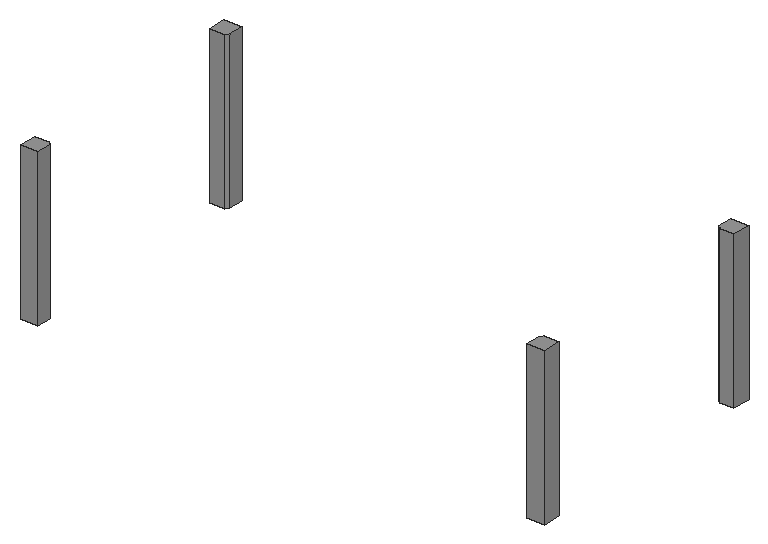
Revit family "Andreu World_Sistema SP_BM7216", category Mobiliario, Revit 2014
Parameters (values of type "BM-7216 H550 Beech")
  URL = "http://www.andreuworld.com/"
  Top Width = 900 mm
  Top Length = 1850 mm
  Referencia = "BM-7216"
  Modelo = "Sistema SP"
  Legs Height = 550 mm
  Legs = Andreu World SP
  Fabricante = "Andreu World"
  Descripción = "Table Legs."
Reference planes
  plane 1 "Centro (Frontal/Posterior)": y = 0
  plane 2: z = 0
  plane 3 "Centro (Izquierda/Derecha)": x = 0
  plane 4: x = -925
  plane 5: y = 450
  plane 6: x = 925
  plane 7: y = -450
  plane 8: z = 550
Forms (mm)
  Extrusion 1, solid, material "Andreu World SP" <- "Legs", detail levels medium+fine
    sketch origin (0, 0, 0) x (1, 0, 0) y (0, 1, 0)
      loop
        line (-925, 450) -> (-925, 388) -> (-873, 388) -> (-863, 398) -> (-863, 450) -> (-925, 450)
    from 0 to 550
  Extrusion 2, solid, material "Andreu World SP" <- "Legs", detail levels medium+fine
    sketch origin (-85, -110, 0) x (-1, 0, 0) y (0, -1, 0)
      loop
        line (-1010, -560) -> (-948, -560) -> (-948, -508) -> (-958, -498) -> (-1010, -498) -> (-1010, -560)
    from 0 to 550
  Extrusion 3, solid, material "Andreu World SP" <- "Legs", detail levels medium+fine
    sketch origin (50, 35, 0) x (1, 0, 0) y (0, 1, 0)
      loop
        line (-975, -485) -> (-913, -485) -> (-913, -433) -> (-923, -423) -> (-975, -423) -> (-975, -485)
    from 0 to 550
  Extrusion 4, solid, material "Andreu World SP" <- "Legs", detail levels medium+fine
    sketch origin (-150, 155, 0) x (-1, 0, 0) y (0, -1, 0)
      loop
        line (-1075, 605) -> (-1075, 543) -> (-1023, 543) -> (-1013, 553) -> (-1013, 605) -> (-1075, 605)
    from 0 to 550
Lines and regions (mm)
  model lines, detail levels coarse+medium
    curve 1: line (-863, 450, 0) -> (-925, 450, 0)
    curve 2: line (-925, 450, 0) -> (-925, 388, 0)
    curve 3: line (-925, 388, 0) -> (-873, 388, 0)
    curve 4: line (-873, 388, 0) -> (-863, 398, 0)
    curve 5: line (-863, 398, 0) -> (-863, 450, 0)
    curve 6: line (-873, -388, 0) -> (-925, -388, 0)
    curve 7: line (-863, -398, 0) -> (-873, -388, 0)
    curve 8: line (-863, -450, 0) -> (-863, -398, 0)
    curve 9: line (-925, -450, 0) -> (-863, -450, 0)
    curve 10: line (-925, -388, 0) -> (-925, -450, 0)
    curve 11: line (925, -450, 0) -> (925, -388, 0)
    curve 12: line (863, -450, 0) -> (925, -450, 0)
    curve 13: line (863, -398, 0) -> (863, -450, 0)
    curve 14: line (873, -388, 0) -> (863, -398, 0)
    curve 15: line (925, -388, 0) -> (873, -388, 0)
    curve 16: line (925, 450, 0) -> (863, 450, 0)
    curve 17: line (925, 388, 0) -> (925, 450, 0)
    curve 18: line (873, 388, 0) -> (925, 388, 0)
    curve 19: line (863, 398, 0) -> (873, 388, 0)
    curve 20: line (863, 450, 0) -> (863, 398, 0)
Dimensions and locks
  "Top Width": plane 5 to plane 7
  equal spacing: plane 5, plane 1 "Centro (Frontal/Posterior)", plane 7
  "Top Length": plane 4 to plane 6
  equal spacing: plane 4, plane 3 "Centro (Izquierda/Derecha)", plane 6
  locked: Extrusion 1 sketch curve to Extrusion 1 sketch curve at 62  (x2)
  locked: Extrusion 1 sketch curve to Extrusion 1 sketch curve at 10  (x2)
  "Legs Height": plane 8 to level
  locked: Extrusion 2 sketch curve to Extrusion 2 sketch curve at 62  (x2)
  locked: Extrusion 2 sketch curve to Extrusion 2 sketch curve at 10  (x2)
  locked: Extrusion 3 sketch curve to Extrusion 3 sketch curve at 62  (x2)
  locked: Extrusion 3 sketch curve to Extrusion 3 sketch curve at 10  (x2)
  locked: Extrusion 4 sketch curve to Extrusion 4 sketch curve at 62  (x2)
  locked: Extrusion 4 sketch curve to Extrusion 4 sketch curve at 10  (x2)
  aligned and locked: level to plane 2
  aligned and locked: Extrusion 1 sketch curve to plane 5
  aligned and locked: plane 4 to Extrusion 1 sketch curve
  aligned and locked: Extrusion 1 to level
  aligned and locked: plane 8 to Extrusion 1
  aligned and locked: plane 5 to Extrusion 2
  aligned and locked: plane 6 to Extrusion 2
  aligned and locked: Extrusion 3 to plane 7
  aligned and locked: Extrusion 3 to plane 4
  aligned and locked: Extrusion 4 to plane 7
  aligned and locked: plane 6 to Extrusion 4
  aligned and locked: Extrusion 2 to Extrusion 1
  aligned and locked: plane 8 to Extrusion 2
  aligned and locked: Extrusion 4 to Extrusion 1
  aligned and locked: Extrusion 3 to Extrusion 1
  aligned and locked: curve 1 to Extrusion 1
  aligned and locked: curve 2 to Extrusion 1
  aligned and locked: curve 3 to Extrusion 1
  aligned and locked: curve 4 to Extrusion 1
  aligned and locked: curve 5 to Extrusion 1
  aligned and locked: curve 6 to Extrusion 3
  aligned and locked: curve 7 to Extrusion 3
  aligned and locked: curve 8 to Extrusion 3
  aligned and locked: curve 9 to Extrusion 3
  aligned and locked: curve 10 to Extrusion 3
  aligned and locked: curve 11 to Extrusion 4
  aligned and locked: curve 12 to Extrusion 4
  aligned and locked: curve 13 to Extrusion 4
  aligned and locked: curve 14 to Extrusion 4
  aligned and locked: curve 15 to Extrusion 4
  aligned and locked: curve 16 to Extrusion 2
  aligned and locked: curve 17 to Extrusion 2
  aligned and locked: curve 18 to Extrusion 2
  aligned and locked: curve 19 to Extrusion 2
  aligned and locked: curve 20 to Extrusion 2
Automatic sketch dimensions
  Extrusion 2 sketch curve to plane 5 = 0 mm
  Extrusion 2 sketch curve to plane 6 = 0 mm
  Extrusion 3 sketch curve to plane 4 = 0 mm
  Extrusion 3 sketch curve to plane 7 = 0 mm
  Extrusion 4 sketch curve to plane 6 = 0 mm
  plane 7 to Extrusion 4 sketch curve = 0 mm
